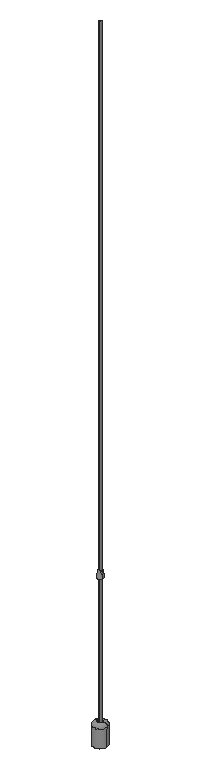
Revit family "Koura 750", category Lighting Fixtures, host Ceiling, Revit 2017
Family settings
  Host = Ceiling
  Round Connector Dimension = Use Diameter
  Part Type = Normal
  OmniClass Number = 23.80.70.11
  OmniClass Title = Luminaries for Internal Lighting
  Always vertical = Yes
  Cut with Voids When Loaded = No
  Light Source = Yes
  Shared = No
  Room Calculation Point = No
Parameters (values of type "Generic")
  Wattage Comments = "Max. 60 Watts. 110V(US) / 230-240V(EU). Lamp NOT provided."
  Wattage = 6.7321 W
  built-in parameter 1150110 = 1 (stored number, unit not read)
  URL = "https://www.davidtrubridge.com"
  Type Comments = "Ceilig Rose required, contact supplier for options."
  built-in parameter 1114217 = 1 (stored number, unit not read)
  built-in parameter 1150109 = 1 (stored number, unit not read)
  built-in parameter 1150134 = (empty or 0)
  Suspension Top [instance] = Suspension Lamp - 365 mm  # 1635 mm
  built-in parameter 1150113 = 1 (stored number, unit not read)
  Model = "Koura 750"
  Manufacturer = "David Trubridge"
  Lumens = 1000 lm
  built-in parameter 1150115 = 1 (stored number, unit not read)
  built-in parameter 1150105 = 79.577 (stored number, unit not read)
  Suspension Lamp [instance] = 2000 mm
  Light Source Symbol Size = 300 mm
  built-in parameter 1150137 = (empty or 0)
  built-in parameter 1150139 = (empty or 0)
  Lamp Wattage = 0 W
  built-in parameter 1150112 = 1 (stored number, unit not read)
  built-in parameter 1150114 = 1 (stored number, unit not read)
  Lamp = "E27 / (E26 USA)"
  built-in parameter 1150132 = 2
  built-in parameter 1150102 = (empty or 0)
  built-in parameter 1150138 = (empty or 0)
  built-in parameter 1150107 = 3000 (stored number, unit not read)
  built-in parameter 1150106 = 0.79577 (stored number, unit not read)
  built-in parameter 1150104 = 13.8 (stored number, unit not read)
  Dimming Lamp Color Temperature Shift = <None>
  Description = "Pendant in bamboo plywood. Can be made in a large range of colours. Lamp is not supplied"
  Cordset Finish = Plastic, Opaque White
  Color Filter = 16777215
  built-in parameter 1114218 = 1 (stored number, unit not read)
  built-in parameter 1150133 = 10 (stored number, unit not read)
  Apparent Load = 0 VA
Reference planes
  plane 1 "Light Source Axis (F/B)": y = 0
  plane 2: z = 0
  plane 3 "Light Source Axis (L/R)": x = 0
  plane 4 "Ceiling": z = 4000
  plane 5 "Light Source Elevation": z = 2000
  plane 6 "Top of pendant": z = 2500
  plane 7 "Light Socket": z = 2050
  plane 8 "Outer edge": x = -216.981
  plane 9 "Outer Edge": x = 219.231
  plane 10 "Bottom of Pendant": z = 1762.593
Forms (mm)
  Revolve 1, solid, material "Plastic, Opaque White" <- "Cordset Finish"
    sketch origin (0, 0, -205) x (1, 0, 0) y (0, 0, 1)
      loop
        line (0, 2317) -> (0, 2255) -> (20, 2255) -> (20, 2307)
        arc (20, 2307) -> (17.071, 2314.071) -> (10, 2317) r 10
        line (10, 2317) -> (0, 2317)
      axis (0, 2255) -> (0, 2317)
    angle from 0 to 360
  Extrusion 2, solid, material "Plastic, Opaque White" <- "Cordset Finish"
    sketch origin (0, 0, 3200) x (0, 1, 0) y (-1, 0, 0)
      loop
        circle (0, 0) r 3
    from -700 to 800
  Extrusion 3, solid, material "Plastic, Opaque White" <- "Cordset Finish"
    sketch origin (0, 0, 3200) x (0, 1, 0) y (-1, 0, 0)
      loop
        circle (0, 0) r 3
    from -1150 to -700
  Revolve 4, solid, material "Plastic, Opaque White" <- "Cordset Finish"
    sketch origin (0, 0, -40) x (1, 0, 0) y (0, 0, 1)
      loop
        line (0, 2560) -> (0, 2540) -> (7.5, 2540) -> (5, 2560) -> (0, 2560)
      axis (0, 2540) -> (0, 2560)
    angle from 0 to 360
Dimensions and locks
  equal spacing: host sketch curve, plane 3 "Light Source Axis (L/R)", host sketch curve
  equal spacing: host sketch curve, plane 1 "Light Source Axis (F/B)", host sketch curve
  host sketch curve to host sketch curve = 4000 mm  (x2)
  host ceiling to plane 4 "Ceiling" = 0 mm
  plane 4 "Ceiling" to level = 4000 mm
  "Suspension Lamp": plane 5 "Light Source Elevation" to plane 4 "Ceiling"
  locked: plane 5 "Light Source Elevation" to plane 6 "Top of pendant" at 500
  locked: plane 5 "Light Source Elevation" to plane 7 "Light Socket" at 50
  plane 9 "Outer Edge" to plane 8 "Outer edge" = 436.212 mm
  plane 8 "Outer edge" to plane 9 "Outer Edge" = 436.212 mm
  locked: plane 10 "Bottom of Pendant" to plane 6 "Top of pendant" at 737.407
  aligned and locked: plane 3 "Light Source Axis (L/R)" to imposter light
  aligned and locked: plane 1 "Light Source Axis (F/B)" to imposter light
  aligned and locked: plane 5 "Light Source Elevation" to imposter light
  aligned and locked: plane 6 "Top of pendant" to Extrusion 2
  aligned and locked: Extrusion 3 to Revolve 1
  aligned and locked: plane 7 "Light Socket" to Extrusion 3
  aligned and locked: level to plane 2
  aligned and locked: Extrusion 3 to plane 6 "Top of pendant"
  aligned and locked: Extrusion 2 to plane 4 "Ceiling"
  aligned and locked: plane 6 "Top of pendant" to Revolve 4 sketch curve
  aligned and locked: plane 6 "Top of pendant" to import instance
Automatic sketch dimensions
  Revolve 1 sketch curve to plane 3 "Light Source Axis (L/R)" = 0 mm
  plane 3 "Light Source Axis (L/R)" to Revolve 1 sketch curve = 0 mm
  plane 3 "Light Source Axis (L/R)" to Revolve 1 sketch curve = 10 mm
  Revolve 1 sketch curve to Revolve 1 sketch curve = 20 mm
  Revolve 1 sketch curve to plane 5 "Light Source Elevation" = 50 mm
  Revolve 1 sketch curve to Revolve 1 sketch curve = 52 mm
  Revolve 1 sketch curve to level = 563.228 mm
  Revolve 1 sketch curve to plane 4 "Ceiling" = 157.185 mm
  plane 1 "Light Source Axis (F/B)" to Extrusion 2 sketch curve = 0 mm
  Extrusion 2 sketch curve to plane 3 "Light Source Axis (L/R)" = 0 mm
  plane 1 "Light Source Axis (F/B)" to Extrusion 3 sketch curve = 0 mm
  Extrusion 3 sketch curve to plane 3 "Light Source Axis (L/R)" = 0 mm
  Revolve 4 sketch curve to plane 3 "Light Source Axis (L/R)" = 0 mm  (x2)
  plane 3 "Light Source Axis (L/R)" to Revolve 4 sketch curve = 5 mm
  plane 3 "Light Source Axis (L/R)" to Revolve 4 sketch curve = 7.5 mm
  Revolve 4 sketch curve to plane 6 "Top of pendant" = 20 mm
  Revolve 4 sketch curve to level = 344.8 mm
  plane 4 "Ceiling" to Revolve 4 sketch curve = 40 mm
  radius of Extrusion 2 sketch curve = 3 mm
  radius of Extrusion 3 sketch curve = 3 mm
Connectors
  electrical at (0, 0, 4000)
    settings: index 1, voltage 0 V, apparent load 0 VA, apparent load phase1 0 VA, apparent load phase2 0 VA, apparent load phase3 0 VA, power factor 1, load classification "Other", number of poles 1, system type 30, power factor state 0, is connector primary yes, connector utility no, sub classification motor no, connector description ""
